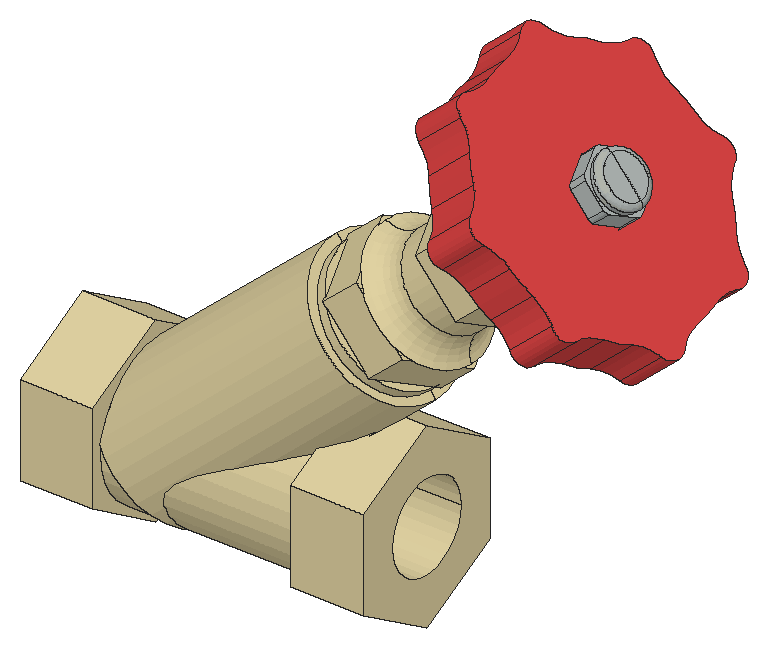
Revit family "DA00130000", category Apparecchi idraulici, Revit 2020
Family settings
  Quota connettore circolare = Usa diametro
  Tipo di parte = Normale
  Numero OmniClass = 23.45.00.00
  Titolo OmniClass = Sanitary, Laundry, and Cleaning Equipment
  Basato su piano di lavoro = No
  Sempre verticale = Sì
  Taglio con vuoti quando caricato = No
  Condiviso = No
  Punto di calcolo locali = No
Parameters
  URL = "https://web.cimberio.com/index.php/figura/1701?subcategoria_id="
  Temperatura di esercizio = "-10 ÷ 180°C"
  Prospetto di default = 0 mm
  Produttore = "CIMBERIO SPA"
  Pressione nominale = "PN 20"
  Modello = "Cim 61/O"
  Materiale = "Prodotto in lega di ottone conforme alla norma EN 12165-CW617N-DW"
  Descrizione = "Utilizzato nei più svariati settori dell’impiantistica ed in ogni applicazione industriale ed agricola dove è richiesta una regolazione: impianti di riscaldamento, idrici, igienico sanitari, aria compressa, reti di distribuzione vapore saturo, olii, benzine, petrolio ed altri idrocarburi e in generale con ogni fluido non corrosivo"
  DN Model [instance] = DA00131015 : DA00131015
  DN [instance] = 15 mm
  Commenti sul tipo = "Realizzato in ottemperanza ai requisiti gestionali della norma EN ISO 9001.\r\nCollaudato al 100% secondo la normativa EN 12266-1"
Reference planes
  plane 1 "Centro (Fronte/Retro)": y = 0
  plane 2: z = 0
  plane 3 "Centro (Sinistra/Destra)": x = 0
Dimensions and locks
  aligned and locked: level to plane 2
Nested families
  nested 1: "DA00131015" at (0, 0, 0), type <- "DN Model", type "DA00131015"
  nested 2: "DA00131015" at (0, 0, 0), type <- "DN Model", type "DA00131015"
  nested 3: "DA00131015" at (0, 0, 0), type <- "DN Model", type "DA00131015"
  nested 4: "DA00131015" at (0, 0, 0), type <- "DN Model", type "DA00131015"
  nested 5: "DA00131015" at (0, 0, 0), type <- "DN Model", type "DA00131015"
  nested 6: "DA00131015" at (0, 0, 0), type <- "DN Model", type "DA00131015"
Connectors
  piping at (29.5, 0, 0), diameter 15, driven by "DN"
    settings: on nested 1, index 1, connector inside diameter 609.6 mm, connector length 0 mm, flow factor 0, pipe flow 0.0 L/s, pressure drop 0.0 Pa, fitting loss kfactor 0, connector angle 0.00°, fixture units 0, engagement length 0 mm, angle of deflection 0.00°, flow configuration 0, flow direction 0, fitting loss method 0, system type 7, joint type 0, gender type 0, connector reference index -1, connector utility 0, adjustable connector no, is connector primary yes, connector description ""
  piping at (-29.5, 0, 0), diameter 15, driven by "DN"
    settings: on nested 1, index 2, connector inside diameter 609.6 mm, connector length 0 mm, flow factor 0, pipe flow 0.0 L/s, pressure drop 0.0 Pa, fitting loss kfactor 0, connector angle 0.00°, fixture units 0, engagement length 0 mm, angle of deflection 0.00°, flow configuration 0, flow direction 0, fitting loss method 0, system type 7, joint type 0, gender type 0, connector reference index -1, connector utility 0, adjustable connector no, is connector primary no, connector description ""
Definition of nested family "DA00131015"
  Parameters (values of type "DA00131015")
    Default Elevation = 0 mm
  Reference planes
    plane 1 "Centro (Fronte/Retro)": y = 0
    plane 2: z = 0
    plane 3 "Centro (Sinistra/Destra)": x = 0
  Forms (mm)
    Revolve 1, solid
      sketch origin (0, 0, 0) x (1, 0, 0) y (0, 0, 1)
        loop
          line (16.985, -12) -> (16.985, -7.5) -> (-16.985, -7.5) -> (-16.985, -12) -> (16.985, -12)
        axis (-16.985, 0) -> (16.985, 0)
      angle from 0 to 360
    Extrusion 2, solid
      sketch origin (0, 0, 0) x (0, 1, 0) y (0, 0, 1)
        loop
          circle (0, 0) r 7.5
        loop
          line (0, 15.5) -> (-13.423, 7.75) -> (-13.423, -7.75) -> (0, -15.5) -> (13.423, -7.75) -> (13.423, 7.75) -> (0, 15.5)
      from -29.5 to -16.985
    Revolve 3, solid
      sketch origin (3.886, 0, 13.738) x (0.656059, 0, -0.75471) y (0.75471, 0, 0.656059)
        loop
          line (0, 26.632) -> (-11.528, 26.632) -> (-11.528, 24.743) -> (-13.028, 24.743) -> (-13.028, -23.461) -> (0, -23.461) -> (0, 26.632)
        axis (0, 26.632) -> (0, -23.461)
      angle from 0 to 360
    Extrusion 4, solid
      sketch origin (3.886, 0, 13.738) x (0, -1, 0) y (0.656059, 0, -0.75471)
        loop
          line (0, -12) -> (10.392, -6) -> (10.392, 6) -> (0, 12) -> (-10.392, 6) -> (-10.392, -6) -> (0, -12)
      from 26.632 to 34.304
    Revolve 5, solid
      sketch origin (2, 0, 12.098) x (0.656059, 0, -0.75471) y (0.75471, 0, 0.656059)
        loop
          line (0, 48) -> (-7.95, 48) -> (-8, 41.503)
          arc (-8, 41.503) -> (-8.914, 38.642) -> (-11.29, 36.804) r 5.056
          line (-11.29, 36.804) -> (0, 36.804) -> (0, 48)
        axis (0, 48) -> (0, 36.804)
      angle from 0 to 360
    Extrusion 6, solid
      sketch origin (3.886, 0, 13.738) x (0, -1, 0) y (0.656059, 0, -0.75471)
        loop
          line (0, -10.4) -> (9.007, -5.2) -> (9.007, 5.2) -> (0, 10.4) -> (-9.007, 5.2) -> (-9.007, -5.2) -> (0, -10.4)
      from 45.5 to 55.5
    Revolve 7, solid
      sketch origin (2, 0, 12.098) x (0.656059, 0, -0.75471) y (0.75471, 0, 0.656059)
        loop
          line (-8, 67) -> (-8, 65.501)
          arc (-8, 65.501) -> (-7.853, 65.147) -> (-7.499, 65) r 0.501
          line (-7.499, 65) -> (-4, 65) -> (-4, 58) -> (0, 58) -> (0, 67) -> (-8, 67)
        axis (0, 67) -> (0, 58)
      angle from 0 to 360
    Extrusion 8, solid
      sketch origin (3.887, 0, 13.738) x (0.613405, 0.354687, -0.705642) y (-0.232696, 0.934985, 0.267686)
        loop
          line (-1.377, 5.329) -> (-4.94, 2.419)
          arc (-4.94, 2.419) -> (-5.249, 1.991) -> (-5.302, 1.465) r 1.021
          line (-5.302, 1.465) -> (-4.565, -3.074)
          arc (-4.565, -3.074) -> (-4.349, -3.551) -> (-3.924, -3.858) r 1.012
          line (-3.924, -3.858) -> (0.37, -5.486)
          arc (0.37, -5.486) -> (0.9, -5.54) -> (1.387, -5.321) r 1.03
          line (1.387, -5.321) -> (4.931, -2.427)
          arc (4.931, -2.427) -> (5.246, -1.989) -> (5.3, -1.452) r 1.042
          line (5.3, -1.452) -> (4.567, 3.058)
          arc (4.567, 3.058) -> (4.346, 3.549) -> (3.909, 3.863) r 1.04
          line (3.909, 3.863) -> (-0.382, 5.491)
          arc (-0.382, 5.491) -> (-0.901, 5.543) -> (-1.377, 5.329) r 1.007
      from 73 to 77.5
    Revolve 9, solid
      sketch origin (2.611, 0, 12.629) x (0.656059, 0, -0.75471) y (0.75471, 0, 0.656059)
        loop
          line (0, 81) -> (0, 79.19) -> (4.75, 79.19) -> (4.75, 80)
          arc (4.75, 80) -> (4.457, 80.707) -> (3.75, 81) r 1
          line (3.75, 81) -> (0, 81)
        axis (0, 81) -> (0, 79.19)
      angle from 0 to 360
    Extrusion 10, solid
      sketch origin (3.886, 0, 13.738) x (0.656059, 0, -0.75471) y (0, 1, 0)
        loop
          spline (-11.968, 20.777) -> (-12.425, 20.871) -> (-12.866, 20.906) -> (-13.287, 20.88) -> (-13.682, 20.795) -> (-14.047, 20.652) -> (-14.377, 20.452) -> (-14.669, 20.197) -> (-14.918, 19.891) -> (-15.122, 19.537) -> (-15.278, 19.14) -> (-15.384, 18.705) -> (-15.439, 18.236)
          arc (-15.439, 18.236) -> (-15.956, 15.864) -> (-17.167, 13.758) r 7.932
          arc (-17.167, 13.758) -> (-18.555, 11.82) -> (-19.725, 9.743) r 22
          arc (-19.725, 9.743) -> (-21.109, 7.745) -> (-23.054, 6.285) r 7.604
          spline (-23.054, 6.285) -> (-23.461, 6.032) -> (-23.815, 5.747) -> (-24.111, 5.431) -> (-24.346, 5.09) -> (-24.516, 4.728) -> (-24.619, 4.349) -> (-24.654, 3.958) -> (-24.621, 3.559) -> (-24.52, 3.159) -> (-24.352, 2.761) -> (-24.12, 2.371) -> (-23.826, 1.994)
          arc (-23.826, 1.994) -> (-22.509, -0.058) -> (-21.868, -2.41) r 8.033
          arc (-21.868, -2.41) -> (-21.479, -4.762) -> (-20.837, -7.058) r 22
          arc (-20.837, -7.058) -> (-20.41, -9.45) -> (-20.746, -11.858) r 7.744
          spline (-20.746, -11.858) -> (-20.855, -12.32) -> (-20.903, -12.769) -> (-20.891, -13.198) -> (-20.818, -13.602) -> (-20.686, -13.976) -> (-20.495, -14.316) -> (-20.248, -14.618) -> (-19.949, -14.877) -> (-19.601, -15.09) -> (-19.208, -15.255) -> (-18.776, -15.371) -> (-18.308, -15.434)
          arc (-18.308, -15.434) -> (-15.903, -15.958) -> (-13.759, -17.167) r 8.269
          arc (-13.759, -17.167) -> (-11.821, -18.555) -> (-9.743, -19.725) r 22
          arc (-9.743, -19.725) -> (-7.757, -21.119) -> (-6.287, -23.051) r 7.912
          spline (-6.287, -23.051) -> (-6.033, -23.46) -> (-5.747, -23.815) -> (-5.43, -24.112) -> (-5.088, -24.347) -> (-4.724, -24.517) -> (-4.343, -24.62) -> (-3.95, -24.654) -> (-3.55, -24.62) -> (-3.147, -24.516) -> (-2.748, -24.346) -> (-2.357, -24.111) -> (-1.979, -23.813)
          arc (-1.979, -23.813) -> (0.061, -22.492) -> (2.41, -21.868) r 7.748
          arc (2.41, -21.868) -> (4.762, -21.479) -> (7.058, -20.837) r 22
          arc (7.058, -20.837) -> (9.442, -20.417) -> (11.84, -20.741) r 7.867
          spline (11.84, -20.741) -> (12.31, -20.853) -> (12.766, -20.903) -> (13.201, -20.891) -> (13.611, -20.816) -> (13.99, -20.679) -> (14.334, -20.483) -> (14.637, -20.229) -> (14.896, -19.922) -> (15.109, -19.564) -> (15.271, -19.161) -> (15.382, -18.717) -> (15.439, -18.238)
          arc (15.439, -18.238) -> (15.934, -15.856) -> (17.167, -13.759) r 7.487
          arc (17.167, -13.759) -> (18.555, -11.821) -> (19.725, -9.743) r 22
          arc (19.725, -9.743) -> (21.126, -7.76) -> (23.054, -6.285) r 8.056
          spline (23.054, -6.285) -> (23.463, -6.032) -> (23.817, -5.745) -> (24.114, -5.428) -> (24.348, -5.086) -> (24.518, -4.722) -> (24.62, -4.341) -> (24.654, -3.948) -> (24.619, -3.549) -> (24.516, -3.147) -> (24.346, -2.748) -> (24.111, -2.357) -> (23.813, -1.979)
          arc (23.813, -1.979) -> (22.516, 0.071) -> (21.868, 2.41) r 8.284
          arc (21.868, 2.41) -> (21.479, 4.762) -> (20.837, 7.058) r 22
          arc (20.837, 7.058) -> (20.407, 9.418) -> (20.727, 11.795) r 7.666
          spline (20.727, 11.795) -> (20.846, 12.275) -> (20.902, 12.739) -> (20.892, 13.184) -> (20.818, 13.602) -> (20.68, 13.988) -> (20.48, 14.337) -> (20.221, 14.645) -> (19.906, 14.908) -> (19.539, 15.121) -> (19.125, 15.282) -> (18.67, 15.39) -> (18.179, 15.442)
          arc (18.179, 15.442) -> (15.833, 15.955) -> (13.759, 17.167) r 7.692
          arc (13.759, 17.167) -> (11.821, 18.555) -> (9.743, 19.725) r 22
          arc (9.743, 19.725) -> (7.755, 21.12) -> (6.285, 23.054) r 7.902
          spline (6.285, 23.054) -> (6.03, 23.465) -> (5.741, 23.821) -> (5.422, 24.119) -> (5.077, 24.353) -> (4.71, 24.522) -> (4.326, 24.623) -> (3.931, 24.654) -> (3.528, 24.616) -> (3.124, 24.508) -> (2.723, 24.333) -> (2.33, 24.092) -> (1.951, 23.788)
          arc (1.951, 23.788) -> (-0.079, 22.486) -> (-2.41, 21.868) r 7.781
          arc (-2.41, 21.868) -> (-4.762, 21.479) -> (-7.058, 20.837) r 22
          arc (-7.058, 20.837) -> (-9.509, 20.444) -> (-11.968, 20.777) r 8.484
        loop
          line (-3.177, 4.495) -> (-5.477, 0.51)
          arc (-5.477, 0.51) -> (-5.613, 0) -> (-5.477, -0.511) r 1.021
          line (-5.477, -0.511) -> (-3.177, -4.492)
          arc (-3.177, -4.492) -> (-2.806, -4.863) -> (-2.3, -4.998) r 1.012
          line (-2.3, -4.998) -> (2.292, -4.998)
          arc (2.292, -4.998) -> (2.807, -4.86) -> (3.184, -4.482) r 1.03
          line (3.184, -4.482) -> (5.472, -0.52)
          arc (5.472, -0.52) -> (5.611, 0.001) -> (5.471, 0.522) r 1.042
          line (5.471, 0.522) -> (3.186, 4.479)
          arc (3.186, 4.479) -> (2.805, 4.86) -> (2.285, 4.999) r 1.04
          line (2.285, 4.999) -> (-2.304, 4.999)
          arc (-2.304, 4.999) -> (-2.808, 4.864) -> (-3.177, 4.495) r 1.007
      from 64.5 to 73.947
    Extrusion 11, solid
      sketch origin (0, 0, 0) x (0, 1, 0) y (0, 0, -1)
        loop
          circle (0, 0) r 7.5
        loop
          line (0, -15.5) -> (13.423, -7.75) -> (13.423, 7.75) -> (0, 15.5) -> (-13.423, 7.75) -> (-13.423, -7.75) -> (0, -15.5)
      from -29.5 to -16.985
  Dimensions and locks
    aligned and locked: level to plane 2
